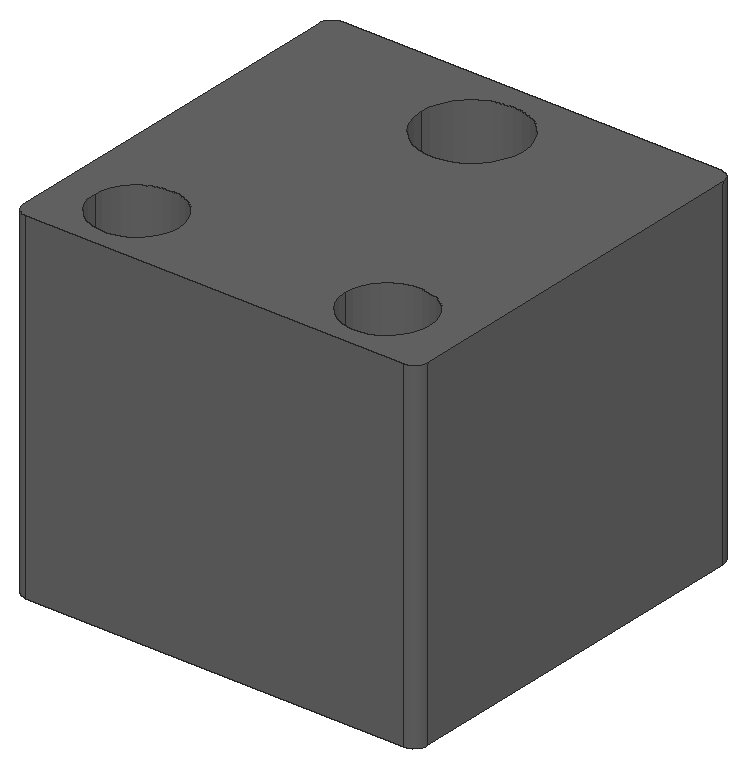
Revit family "Domotics-DomesticRanges-GEWISS-SYSTEM_POWER-SOCKET-OUTLET_ENG_16A", category Apparecchi elettrici, host Superficie, Revit 2016
Family settings
  Host = Superficie
  Mantenere orientamento annotazione = Sì
  Tipo di parte = Normale
  Quota connettore circolare = Usa diametro
  Taglio con vuoti quando caricato = Sì
  Condiviso = Sì
  Punto di calcolo locali = Sì
Parameters (values of type "GW21209 - 16A 2P+E british std socket outlet black")
  Voltage: = "250 V ac"
  Voltage = "250 V ac"
  Volt = 230 V
  Vista in pianta [instance] = yes
  Version file RFA = "19.4"
  URL = "https://www.gewiss.com/ww/en"
  Technical sheet = "https://www.gewiss.com/ww/en/search?q=GW21209"
  TXT ELETTRICO = "16"
  TIPO_ = System Prese Eng 16A_GENERICO : GW21209 Presa 2P+T 16A British standard nero
  Standard: = "UK"
  Standard = "UK"
  Simbolo [instance] = yes
  SEO = "Socket outlet"
  Realized by GEWISS S.p.A. = ""
  Default Elevation = 1219.2 mm
  Produttore = "GEWISS S.p.A."
  Offset presa [instance] = 0 mm
  Offset bidimensionale [instance] = 39 mm
  No. SYSTEM modules = "2"
  N. poli = 1
  Modello = "GW21209"
  Immagine tipo = GW21209.jpg
  IFC.TypeObject = ""
  IFC.ExportType = ""
  IFC.ExportAs = ""
  IDT = "214929c2-afb4-4b82-b04f-9604f54146b0"
  IDF = "de0dd1e3-30dd-4874-af10-f9f1e9b1eea3"
  For plug pins = "Ø 7 mm"
  Electrocod = "0131"
  EAN code = "8011564128514"
  Distanza_x [instance] = 0 mm
  Distanza_effettiva_y [instance] = 100 mm
  Distanza_effettiva_x [instance] = 1000 mm - Distanza_x  # 1000 mm
  Distanza orizzontale del simbolo [instance] = 85.412 mm
  Distanza dal muro [instance] = 4.208 mm
  Descrizione = "16A 2P+E BRITISH STD SOCKET OUTLET SY/BK"
  Description: = "2P+E - 16A"
  Description. = "UK"
  Colour = "Black"
  Catalogue Range = "SYSTEM - DOMESTIC RANGE"
  Catalogue = "DOMOTICS"
  Carico apparente = 0 VA
  COBie.Tagnumber = ""
  COBie.CreatedOn = ""
  COBie.CreatebBy = ""
  COBie.ComponentRegisterItemID = ""
  COBie.Component.TagNumber = ""
  COBie.Component.Space = ""
  COBie.Component.SerialNumber = ""
  COBie.Component.InstallationDate = ""
  COBie.Component.Description = ""
  COBie.Component.BarCode = ""
Types (2, lengths in mm): name | Technical sheet | TIPO_ | Modello | Immagine tipo | IDT | EAN code | Descrizione | Colour
  GW20209 - 16A 2P+E british std socket outlet white | "https://www.gewiss.com/ww/en/search?q=GW20209" | System Prese Eng 16A_GENERICO : GW20209 Presa 2P+T 16A British standard bianco | "GW20209" | GW20209.jpg | "1184f469-a24a-4623-9b42-cfb6143c25d0" | "8011564000612" | "16A 2P+E BRITISH STD SOCKET OUTLET SY/WT" | "White"
  GW21209 - 16A 2P+E british std socket outlet black | "https://www.gewiss.com/ww/en/search?q=GW21209" | System Prese Eng 16A_GENERICO : GW21209 Presa 2P+T 16A British standard nero | "GW21209" | GW21209.jpg | "214929c2-afb4-4b82-b04f-9604f54146b0" | "8011564128514" | "16A 2P+E BRITISH STD SOCKET OUTLET SY/BK" | "Black"
Reference planes
  plane 1 "Centro (Fronte/Retro)": y = 0
  plane 2: z = 0
  plane 3 "Centro (Sinistra/Destra)": x = 0
  plane 4: x = -1000
  plane 5: x = 0
  plane 6: y = 100
  plane 7: z = 39
  plane 8: z = 0
Lines and regions (mm)
  Masking region 1, visible <- "Vista in pianta"
    outline origin (0, 0, 0) x (1, 0, 0) y (0, 1, 0)
      loop
        line (23, 22.5) -> (-23, 22.5) -> (-23, -22.5) -> (23, -22.5) -> (23, 22.5)
      loop
        circle (-0.074, 14.163) r 5.819
      loop
        circle (-14.347, -15.701) r 4.831
      loop
        circle (14.199, -15.701) r 4.831
  Masking region 2, visible <- "Vista in pianta"
    outline origin (0, 0, 0) x (1, 0, 0) y (0, 0, 1)
      loop
        line (-23, 39) -> (-23, 0) -> (23, 0) -> (23, 39) -> (-23, 39)
  Masking region 3, visible <- "Vista in pianta"
    outline origin (0, 0, 0) x (0, 1, 0) y (0, 0, 1)
      loop
        line (-22.5, 39) -> (-22.5, 0) -> (22.5, 0) -> (22.5, 39) -> (-22.5, 39)
Dimensions and locks
  plane 4 to plane 3 "Centro (Sinistra/Destra)" = 1000 mm
  "Distanza_effettiva_x": plane 4 to plane 5
  "Distanza_effettiva_y": plane 6 to plane 1 "Centro (Fronte/Retro)"
  "Offset bidimensionale": plane 7 to host face
  "Offset presa": plane 8 to host face
  aligned and locked: plane 2 to host face
  aligned and locked: level to host face
  aligned and locked: plane 3 "Centro (Sinistra/Destra)" to nested 1
  aligned and locked: plane 1 "Centro (Fronte/Retro)" to nested 1
  aligned and locked: plane 5 to nested 2
  aligned and locked: nested 2 to plane 6
  aligned and locked: Masking region 1 sketch curve to nested 1  (x4)
  aligned and locked: Masking region 2 sketch curve to nested 1  (x4)
  aligned and locked: Masking region 3 sketch curve to nested 1  (x4)
  aligned and locked: plane 7 to import instance
  aligned and locked: nested 1 to plane 8
Automatic sketch dimensions
  host sketch curve to host sketch curve = 2438.4 mm  (x2)
  Masking region 1 sketch curve to plane 3 "Centro (Sinistra/Destra)" = 0.074 mm
  Masking region 1 sketch curve to plane 1 "Centro (Fronte/Retro)" = 14.163 mm
  Masking region 1 sketch curve to Masking region 1 sketch curve = 5.819 mm
  Masking region 1 sketch curve to Masking region 1 sketch curve = 8.653 mm
  Masking region 1 sketch curve to Masking region 1 sketch curve = 6.799 mm  (x2)
  Masking region 1 sketch curve to Masking region 1 sketch curve = 4.831 mm  (x2)
  Masking region 1 sketch curve to Masking region 1 sketch curve = 0 mm  (x2)
  Masking region 1 sketch curve to Masking region 1 sketch curve = 8.801 mm
Nested families
  nested 1: "System Prese Eng 16A_GENERICO" at (0, 0, 0), type <- "TIPO_", type "GW21209 Presa 2P+T 16A British standard nero", detail levels medium+fine
  nested 2: "SIMBOLO PRESE" at (0, 100, 0), TESTO ELETTRICO <- "TXT ELETTRICO", Distanza dal muro <- "Distanza dal muro", SIMBOLO <- "Simbolo", visible <- "Simbolo", type "PRESA"
    with TESTO ELETTRICO "16", SIMBOLO yes, Distanza dal muro 4.208 mm, BORDO ACCESO yes
Connectors
  electrical at (0, 0, 0), driven by "N. poli", driven by "Volt", driven by "Carico apparente"
    settings: on nested 1, index 1, voltage 230 V, apparent load 0 VA, apparent load phase1 0 VA, apparent load phase2 0 VA, apparent load phase3 0 VA, power factor 1, load classification "Altro", number of poles 1, system type 31, power factor state 1, is connector primary yes, connector utility no, sub classification motor no, connector description ""
Definition of nested family "System Prese Eng 16A_GENERICO"
  Parameters (values of type "GW21209 Presa 2P+T 16A British standard nero")
    Profondità presa = 39 mm
    Finitura Placca British = none
    Altezza da Terra = 750 mm
  Types (2): name
    GW21209 Presa 2P+T 16A British standard nero
    GW20209 Presa 2P+T 16A British standard bianco
  Reference planes
    plane 1 "Centro (Fronte/Retro)": y = 0
    plane 2: z = 0
    plane 3 "Centro (Sinistra/Destra)": x = 0
    plane 4: z = 39
  Forms (mm)
    Extrusion 1, solid, material <- "Finitura Placca British"
      sketch origin (-77.442, -806.244, 7.5) x (1, 0, 0) y (0, 1, 0)
        loop
          arc (55.942, 828.744) -> (54.882, 828.304) -> (54.442, 827.244) r 1.5
          line (54.442, 827.244) -> (54.442, 785.244)
          arc (54.442, 785.244) -> (54.882, 784.183) -> (55.942, 783.744) r 1.5
          line (55.942, 783.744) -> (98.942, 783.744)
          arc (98.942, 783.744) -> (100.003, 784.183) -> (100.442, 785.244) r 1.5
          line (100.442, 785.244) -> (100.442, 827.244)
          arc (100.442, 827.244) -> (100.003, 828.304) -> (98.942, 828.744) r 1.5
          line (98.942, 828.744) -> (55.942, 828.744)
      from 31.5 to -7.5
    Extrusion 2, void
      sketch origin (0, 0, 0) x (1, 0, 0) y (0, 1, 0)
        loop
          circle (-0.074, 14.163) r 5.819
        loop
          circle (-14.347, -15.701) r 4.831
        loop
          circle (14.199, -15.701) r 4.831
      from 29 to 39
  Cuts and joins
    Extrusion 2 cuts Extrusion 1
  Dimensions and locks
    "Profondità presa": plane 4 to level
    aligned and locked: level to plane 2
    aligned and locked: plane 4 to Extrusion 1
    aligned and locked: plane 4 to cut or joined group of Extrusion 1, Extrusion 2
    aligned and locked: cut or joined group of Extrusion 1, Extrusion 2 to plane 4  (x2)
  Automatic sketch dimensions
    Extrusion 1 sketch curve to plane 3 "Centro (Sinistra/Destra)" = 23 mm
    Extrusion 1 sketch curve to Extrusion 1 sketch curve = 1.5 mm  (x3)
    plane 3 "Centro (Sinistra/Destra)" to Extrusion 1 sketch curve = 21.5 mm  (x2)
    plane 1 "Centro (Fronte/Retro)" to Extrusion 1 sketch curve = 22.5 mm
    Extrusion 1 sketch curve to plane 1 "Centro (Fronte/Retro)" = 21 mm
    Extrusion 2 sketch curve to plane 3 "Centro (Sinistra/Destra)" = 0.074 mm
    Extrusion 2 sketch curve to plane 1 "Centro (Fronte/Retro)" = 14.163 mm
    Extrusion 2 sketch curve to Extrusion 2 sketch curve = 5.819 mm
    Extrusion 2 sketch curve to plane 3 "Centro (Sinistra/Destra)" = 14.347 mm
    plane 1 "Centro (Fronte/Retro)" to Extrusion 2 sketch curve = 15.701 mm  (x2)
    Extrusion 2 sketch curve to Extrusion 2 sketch curve = 4.831 mm  (x2)
    Extrusion 2 sketch curve to Extrusion 2 sketch curve = 0 mm  (x2)
    plane 3 "Centro (Sinistra/Destra)" to Extrusion 2 sketch curve = 14.199 mm
Definition of nested family "SIMBOLO PRESE"
  Parameters (values of type "PRESA")
    TESTO ELETTRICO [instance] = "TXT"
    Simbolo = SIMBOLO PRESE_BASE : PRESA
    SIMBOLO [instance] = yes
    Distanza dal muro [instance] = 4.208 mm
    BORDO ACCESO [instance] = yes
  Reference planes
    plane 1: y = 0
    plane 2: x = 0
  Dimensions and locks
    aligned and locked: plane 1 to nested 1
    aligned and locked: plane 2 to nested 1
  Nested families
    nested 1: "SIMBOLO PRESE_BASE" at (0, 0, 0), type <- "Simbolo", TESTO ELETTRICO <- "TESTO ELETTRICO", BORDO ACCESO <- "BORDO ACCESO", visible <- "SIMBOLO", type "PRESA"
      with TESTO ELETTRICO "TXT", BORDO ACCESO yes
  Definition of nested family "SIMBOLO PRESE_BASE"
    Parameters (values of type "PRESA")
      TESTO ELETTRICO [instance] = "TXT"
      Distanza dal muro = 4.208 mm
      BORDO ACCESO [instance] = yes
    Reference planes
      plane 1: y = 0
      plane 2: x = 0
    Lines and regions (mm)
      detail lines, visible <- "BORDO ACCESO", not visible
        curve 1: line (-1.743, 9.208, 0) -> (2.057, 9.208, 0)
        curve 2: line (2.057, 9.208, 0) -> (2.057, 4.208, 0)
        curve 3: line (2.057, 4.208, 0) -> (-1.743, 4.208, 0)
        curve 4: line (-1.743, 4.208, 0) -> (-1.743, 9.208, 0)
        curve 5: line (-1.543, 9.008, 0) -> (1.857, 9.008, 0)
        curve 6: line (1.857, 9.008, 0) -> (1.857, 4.408, 0)
        curve 7: line (1.857, 4.408, 0) -> (-1.543, 4.408, 0)
        curve 8: line (-1.543, 4.408, 0) -> (-1.543, 9.008, 0)
      detail lines
        curve 9: line (0.783, 1.133, 0) -> (-0.783, 1.133, 0)
        curve 10: line (0, 1.133, 0) -> (0, 0.349, 0)
        curve 11: arc (-0.783, 1.916, 0) -> (0, 1.133, 0) -> (0.783, 1.916, 0) r 0.783
    Text (mm)
      label "TXT" at (0.016, 1.578, 0), shows "TESTO ELETTRICO"
